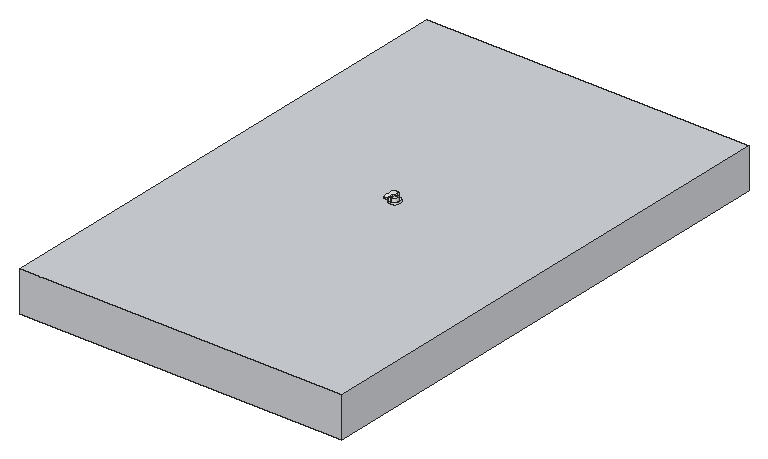
Revit family "Diverter-Grohe-Eurosmart-19970XX3_Series", category Plumbing Fixtures, host Face, Revit 2018
Family settings
  Host = Face
  Round Connector Dimension = Use Diameter
  Part Type = Normal
  OmniClass Number = 23.45.05.14.17
  OmniClass Title = Showers
  Cut with Voids When Loaded = No
  Shared = Yes
  Room Calculation Point = No
Parameters (values of type "19970003")
  Width Constraint = if(Width < 2 1/2", 2 1/2", if(Width > 3 1/4", 3 1/4", Width))  # 2 1/2"
  Width = 2 1/2"
  Waste Connection = no
  WFU = 4  # constant formula
  Vent Connection = no
  URL = "https://www.grohe.us/"
  Type Comments = ""
  Product Page URL = "https://www.grohe.us/Bath-Shower-Trim-Kits/2-Way-Diverter-Trim/GROHE-CHROME-19970003"
  Product Documentation Link = "https://americanstandard.box.com/shared/static/kuh8h26im78t9cv7sdxrgfyf5m0ucyjv.pdf"
  Price = "Prices may vary. Please consult Manufacturer Representative for most up-to-date price list."  # constant formula
  Model = "19970003"
  Material = "Metal-Grohe-StarLight Chrome"
  Manufacturer = "Grohe"  # constant formula
  Length = 3 1/8"
  Installation Type = "Wall Mounted"
  IAPMO Compliance = "• ADA • CSA B125.1 • ASME A112.18.1"  # constant formula
  Height = 5 1/16"
  HWFU = 3  # constant formula
  HW Connection = no
  Finish = Metal-Grohe-StarLight Chrome
  Description = "The Eurosmart 2-Way Diverter Trim has a contemporary design crafted to the exacting standards you expect from GROHE. Ergonomic metal handle is gently curved to easily divert water from shower to tub spout."  # constant formula
  Default Elevation = 44"  # constant formula
  Creation Date = "11/15/2021"  # constant formula
  CWFU = 3  # constant formula
  CW Connection = no
  Assembly Code = "D2010710"
  ADA Compliant = yes
Types (2): name | Product Page URL | Model | Material | Finish
  19970003 | "https://www.grohe.us/Bath-Shower-Trim-Kits/2-Way-Diverter-Trim/GROHE-CHROME-19970003" | "19970003" | "Metal-Grohe-StarLight Chrome" | Metal-Grohe-StarLight Chrome
  19970EN3 | "https://www.grohe.us/Bath-Shower-Trim-Kits/2-Way-Diverter-Trim/GROHE-BRUSHED-NICKEL-19970EN3" | "19970EN3" | "Metal-Grohe-Brushed Nickel Infinity" | Metal-Grohe-Brushed Nickel Infinity
Reference planes (in)
  plane 1 "Center (Front/Back)": y = 0
  plane 2: z = 0
  plane 3 "Center (Left/Right)": x = 0
  plane 4: z = 3
  plane 5: z = -0.17106
  plane 6: z = 2.5
  plane 7: y = 1.5625
  plane 8: z = 0.3125
  plane 9: z = 1.75781
  plane 10: z = 1.4064
  plane 11: z = 1.32675
  plane 12: y = -3.5
Forms (in)
  Extrusion 1, solid
    sketch origin (0, 0, 0) x (1, 0, 0) y (0, 1, 0)
      loop
        line (-48, 72) -> (-48, -79.70833) -> (48, -79.70833) -> (48, 72) -> (-48, 72)
    from 0 to -12
  Revolve 2, solid, material "Metal-Grohe-StarLight Chrome" <- "Finish"
    sketch origin (0, 0, 0) x (0, 1, 0) y (0, 0, 1)
      loop
        line (1.5625, -0.00183) -> (1.5625, 0.3125) -> (0.91172, 0.3125) -> (0.91172, 1.32675) -> (0.84983, 1.32675) -> (0.84983, 1.4064) -> (0.91172, 1.4064) -> (0.91172, 3) -> (0, 3) -> (0, -0.00183) -> (1.5625, -0.00183)
      axis (0, 3) -> (0, -0.00183)
    angle from 0 to 360
  Extrusion 3, solid, material "Metal-Grohe-StarLight Chrome" <- "Finish"
    sketch origin (0, 0, 0) x (1, 0, 0) y (0, 1, 0)
      loop
        line (-0.6118, -1.658) -> (-0.53998, -3.25513)
        arc (-0.53998, -3.25513) -> (-0.52714, -3.30176) -> (-0.49538, -3.33822) r 0.10892
        arc (-0.49538, -3.33822) -> (-0.00038, -3.49964) -> (0.49462, -3.33822) r 0.83968
        arc (0.49462, -3.33822) -> (0.52638, -3.30176) -> (0.53922, -3.25513) r 0.10892
        line (0.53922, -3.25513) -> (0.61104, -1.65797)
        arc (0.61104, -1.65797) -> (0.69118, -0.96397) -> (0.86522, -0.28744) r 5.06955
        arc (0.86522, -0.28744) -> (0.73936, 0.53346) -> (0, 0.91172) r 0.91172
        arc (0, 0.91172) -> (-0.73936, 0.53346) -> (-0.86522, -0.28744) r 0.91172
        arc (-0.86522, -0.28744) -> (-0.69118, -0.96397) -> (-0.6118, -1.658) r 5.06955
    from 1.75781 to 3
  Extrusion 4, void
    sketch origin (0, 0, 0.08594) x (0, 1, 0) y (0, 0, 1)
      loop
        arc (-3.50309, 2.28135) -> (-1.10718, 2.38604) -> (1.24691, 1.92827) r 10.19708
        line (1.24691, 1.92827) -> (1.24691, 2.91406) -> (-3.50309, 2.91406) -> (-3.50309, 2.28135)
    from -1.30531 to 1.72337
  Extrusion 5, void
    sketch origin (0, 0, 0.09375) x (0, 1, 0) y (0, 0, 1)
      loop
        line (-3.5, 1.66406) -> (-0.28472, 1.66406)
        arc (-0.28472, 1.66406) -> (-0.45807, 1.89876) -> (-0.71051, 2.04504) r 0.71761
        arc (-0.71051, 2.04504) -> (-0.86778, 2.09262) -> (-1.02736, 2.13175) r 3.0806
        arc (-1.02736, 2.13175) -> (-2.07088, 2.26521) -> (-3.11989, 2.18565) r 5.19407
        arc (-3.11989, 2.18565) -> (-3.25068, 2.16379) -> (-3.38188, 2.14457) r 6.54856
        arc (-3.38188, 2.14457) -> (-3.44621, 2.15158) -> (-3.5, 2.18756) r 0.13583
        line (-3.5, 2.18756) -> (-3.5, 1.66406)
    from -1.07945 to 1.105
Cuts and joins
  Extrusion 4 cuts Revolve 2
  Extrusion 4, Extrusion 5 cuts Extrusion 3
  joined: Revolve 2, Extrusion 3
Lines and regions (in)
  Masking region 1
    outline origin (0, 0, 0) x (1, 0, 0) y (0, 0, 1)
      loop
        line (1.5625, 0) -> (1.5625, 0.3125) -> (0.91172, 0.3125) -> (0.91172, 1.32675) -> (0.85035, 1.32675) -> (0.85035, 1.4064) -> (0.91172, 1.4064) -> (0.91172, 2.31924)
        arc (0.91172, 2.31924) -> (0.90294, 2.34957) -> (0.87932, 2.37051) r 0.05676
        line (0.87932, 2.37051) -> (0.61104, 2.49797) -> (-0.61104, 2.49797) -> (-0.87932, 2.37051)
        arc (-0.87932, 2.37051) -> (-0.90294, 2.34957) -> (-0.91172, 2.31924) r 0.05676
        line (-0.91172, 2.31924) -> (-0.91172, 1.4064) -> (-0.84946, 1.4064) -> (-0.84946, 1.32675) -> (-0.91172, 1.32675) -> (-0.91172, 0.3125) -> (-1.5625, 0.3125) -> (-1.5625, 0) -> (1.5625, 0)
  symbolic lines, detail levels medium+fine
    curve 1: line (0.84983, 0, 1.4064) -> (0, 0, 1.4064)
    curve 2: line (0, 0, 1.4064) -> (-0.84946, 0, 1.4064)
    curve 3: line (0.84983, 0, 1.32675) -> (0, 0, 1.32675)
    curve 4: line (0, 0, 1.32675) -> (-0.84946, 0, 1.32675)
    curve 5: line (1.5625, 0, 0.3125) -> (0, 0, 0.3125)
    curve 6: line (0, 0, 0.3125) -> (-1.5625, 0, 0.3125)
    curve 7: line (0.86522, 0, 2.37757) -> (0, 0, 2.11524)
    curve 8: line (0, 0, 2.11524) -> (-0.86522, 0, 2.37757)
Dimensions and locks (in)
  "Width Constraint": plane 6 to level
  plane 7 to plane 1 "Center (Front/Back)" = 1 9/16"
  plane 8 to level = 5/16"
  locked: plane 4 to plane 6 at 0.5
  locked: plane 6 to plane 10 at 1.0936
  locked: plane 10 to plane 9 at 0.35141
  locked: Extrusion 4 sketch curve to Extrusion 4 sketch curve at 0.63272
  locked: plane 11 to plane 10 at 0.07965
  plane 7 to plane 12 = 5 1/16"
  locked: plane 4 to Extrusion 5 sketch curve at 0.62703
  locked: plane 4 to Extrusion 5 sketch curve at 5.83339
  locked: Extrusion 5 sketch curve to plane 4 at 5.72703
  locked: plane 6 to Extrusion 4 sketch curve at 10.19705
  aligned and locked: plane 2 to Extrusion 1
  aligned and locked: level to Extrusion 1
  aligned and locked: plane 4 to Extrusion 4
  aligned and locked: plane 9 to Extrusion 5
  aligned and locked: Extrusion 3 to Extrusion 5
  aligned and locked: Revolve 2 sketch curve to plane 8
  aligned and locked: Revolve 2 sketch curve to plane 1 "Center (Front/Back)"
  aligned and locked: plane 11 to Revolve 2 sketch curve
  aligned and locked: plane 4 to Extrusion 3
  aligned and locked: Masking region 1 sketch curve to cut or joined group of Revolve 2, Extrusion 3, Extrusion 4, Extrusion 5  (x2)
  aligned and locked: cut or joined group of Revolve 2, Extrusion 3, Extrusion 4, Extrusion 5 to Masking region 1 sketch curve  (x2)
Automatic sketch dimensions
  Extrusion 1 sketch curve to Extrusion 1 sketch curve = 96"
  Extrusion 1 sketch curve to Extrusion 1 sketch curve = 151.70833"
  Revolve 2 sketch curve to plane 1 "Center (Front/Back)" = 0"
  plane 10 to Revolve 2 sketch curve = 0"
  Revolve 2 sketch curve to plane 4 = 0"
  Revolve 2 sketch curve to plane 7 = 0"
  Revolve 2 sketch curve to plane 1 "Center (Front/Back)" = 0.84983"
  Revolve 2 sketch curve to Revolve 2 sketch curve = 0.06189"  (x2)
  Revolve 2 sketch curve to level = 0.00183"
  Revolve 2 sketch curve to Revolve 2 sketch curve = 2.99585"
  Revolve 2 sketch curve to Revolve 2 sketch curve = 0.35576"
  Extrusion 5 sketch curve to plane 12 = 0"
  plane 9 to Extrusion 5 sketch curve = 0"
  Extrusion 5 sketch curve to plane 12 = 0.76519"
  plane 12 to Extrusion 5 sketch curve = 0.10024"
  Extrusion 5 sketch curve to level = 0.78497"
  Extrusion 5 sketch curve to plane 10 = 0.05132"
  plane 1 "Center (Front/Back)" to Extrusion 5 sketch curve = 0.93657"
  plane 1 "Center (Front/Back)" to Extrusion 5 sketch curve = 0.28472"
  Extrusion 5 sketch curve to Extrusion 5 sketch curve = 0.09166"
  plane 12 to Extrusion 5 sketch curve = 0.11812"
  Extrusion 5 sketch curve to plane 6 = 0.2206"
  Extrusion 5 sketch curve to plane 6 = 0.2745"
  Extrusion 5 sketch curve to Extrusion 5 sketch curve = 0.31685"
  Extrusion 5 sketch curve to Extrusion 5 sketch curve = 0"
  Extrusion 4 sketch curve to plane 4 = 0"
  Extrusion 4 sketch curve to plane 12 = 0.00309"
  Extrusion 4 sketch curve to plane 7 = 0.31559"
  Extrusion 4 sketch curve to plane 9 = 0.2564"
  Extrusion 3 sketch curve to Extrusion 3 sketch curve = 0"  (x4)
  Extrusion 3 sketch curve to plane 3 "Center (Left/Right)" = 0"
  plane 1 "Center (Front/Back)" to Extrusion 3 sketch curve = 0"
  Extrusion 3 sketch curve to plane 3 "Center (Left/Right)" = 0.00038"
  Extrusion 3 sketch curve to plane 3 "Center (Left/Right)" = 0.43117"
  plane 12 to Extrusion 3 sketch curve = 0.24487"  (x2)
  Extrusion 3 sketch curve to Extrusion 3 sketch curve = 0.10881"  (x2)
  Extrusion 3 sketch curve to plane 3 "Center (Left/Right)" = 0.6118"
  plane 12 to Extrusion 3 sketch curve = 1.61427"  (x2)
  plane 3 "Center (Left/Right)" to Extrusion 3 sketch curve = 0.43041"
  Extrusion 3 sketch curve to Extrusion 3 sketch curve = 0.00489"  (x2)
  Extrusion 3 sketch curve to Extrusion 3 sketch curve = 0.59028"
  Extrusion 3 sketch curve to Extrusion 3 sketch curve = 1.00196"
  plane 3 "Center (Left/Right)" to Extrusion 3 sketch curve = 0.61104"
  Extrusion 3 sketch curve to Extrusion 3 sketch curve = 0.00076"
  plane 1 "Center (Front/Back)" to Extrusion 3 sketch curve = 0.28744"
  plane 3 "Center (Left/Right)" to Extrusion 3 sketch curve = 0.86522"
  Extrusion 3 sketch curve to Extrusion 3 sketch curve = 0.00003"
  Masking region 1 sketch curve to level = 0"
  Masking region 1 sketch curve to plane 8 = 0"  (x2)
  Masking region 1 sketch curve to plane 3 "Center (Left/Right)" = 1 9/16"
  Masking region 1 sketch curve to plane 3 "Center (Left/Right)" = 0.91172"
  Masking region 1 sketch curve to Masking region 1 sketch curve = 0"
  Masking region 1 sketch curve to plane 6 = 0.12949"  (x2)
  Masking region 1 sketch curve to Masking region 1 sketch curve = 0.0324"
  Masking region 1 sketch curve to Masking region 1 sketch curve = 0.05676"
  Masking region 1 sketch curve to Masking region 1 sketch curve = 0.06226"
  plane 3 "Center (Left/Right)" to Masking region 1 sketch curve = 0.85035"
  Masking region 1 sketch curve to plane 6 = 0.18076"
  plane 3 "Center (Left/Right)" to Masking region 1 sketch curve = 0.85496"
  Masking region 1 sketch curve to Masking region 1 sketch curve = 0.02436"
  Masking region 1 sketch curve to Masking region 1 sketch curve = 0.06136"
  Masking region 1 sketch curve to Masking region 1 sketch curve = 0.65078"
  Masking region 1 sketch curve to plane 6 = 0.00203"
  Masking region 1 sketch curve to Masking region 1 sketch curve = 0.26828"  (x2)
  curve 6 to plane 8 = 0"
  curve 2 to plane 10 = 0"
  curve 4 to plane 11 = 0"
  curve 6 to plane 3 "Center (Left/Right)" = 0"
  curve 3 to plane 3 "Center (Left/Right)" = 0"
  curve 2 to plane 3 "Center (Left/Right)" = 0"
  curve 4 to curve 3 = 0.84946"
  curve 2 to curve 4 = 0"
  curve 6 to curve 4 = 0.71304"
  plane 3 "Center (Left/Right)" to curve 3 = 0.84983"
  curve 1 to curve 3 = 0"
  curve 3 to curve 5 = 0.71267"
  curve 8 to plane 3 "Center (Left/Right)" = 0"
  curve 7 to plane 9 = 0.35743"
  curve 8 to plane 6 = 0.12243"
  curve 8 to plane 3 "Center (Left/Right)" = 0.86522"
  curve 7 to plane 6 = 0.12243"
  plane 3 "Center (Left/Right)" to curve 7 = 0.86522"
